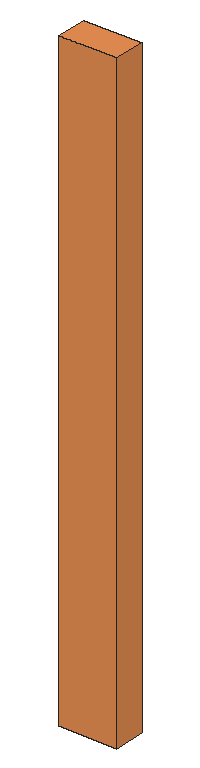
Revit family "BUS_Vertical Length 1600A", category Electrical Equipment, Revit 2025
Family settings
  Panel Configuration = Two Columns, Circuits Across
  Round Connector Dimension = Use Diameter
  Part Type = Panelboard
  OmniClass Number = 23.80.30.11.17
  OmniClass Title = Distribution Boards and Control Panels
  Work Plane-Based = No
  Always vertical = Yes
  Cut with Voids When Loaded = No
  Maintain Annotation Orientation = No
  Shared = No
  Room Calculation Point = No
Parameters (values of type "1600A Cu 4P+PE")
  built-in parameter 1140142 [instance] = -1
  Section Length [instance] = 3000 mm
  built-in parameter 1140140 [instance] = 1 (stored number, unit not read)
  built-in parameter 1155100 [instance] = -1
  Default Elevation = 0 mm
Reference planes
  plane 1 "Center (Front/Back)": y = 0
  plane 2: z = 0
  plane 3 "Center (Left/Right)": x = 0
Forms (mm)
  Extrusion 1, solid, material "Busduct 1600A"
    sketch origin (0, 0, 0) x (1, 0, 0) y (0, 1, 0)
      loop
        line (-140, -75) -> (140, -75) -> (140, 75) -> (-140, 75) -> (-140, -75)
    from 0 to 3000 <- "Section Length"
Dimensions and locks
  aligned and locked: level to plane 2
